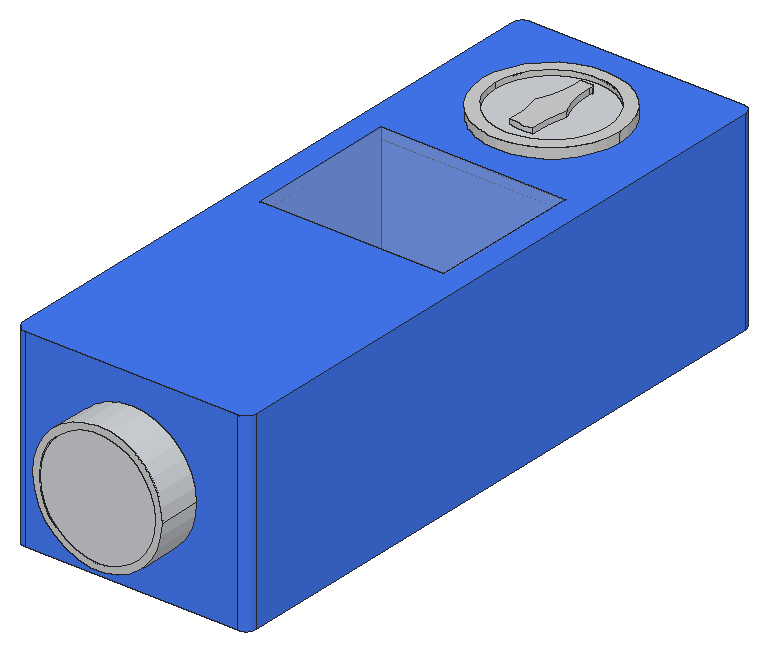
Revit family "Building-IEC309Connections-GEWISS-66IB-INTERLOCKED-SOCKET-OUTLETS-HD_IP66_WITHOUT_BOTTOM_FUS", category Apparecchi elettrici, host Superficie, Revit 2019
Family settings
  Host = Superficie
  Mantenere orientamento annotazione = Sì
  Quota connettore circolare = Usa diametro
  Tipo di parte = Normale
  Taglio con vuoti quando caricato = Sì
  Condiviso = Sì
  Punto di calcolo locali = Sì
Parameters (values of type "GW66823 - I.SOCKET IP66 N.B.3P+E 32A 380V 3H CBF")
  volt = 0 V
  vetro = Default - Vetro
  presa = Grigio RAL - 7035
  n-poli = 1
  giallo = 0 mm
  dist_piano [instance] = 0 mm
  Working temperature = "-25 ÷ +40 °C"
  With back-mounting box = "No"
  Vista_2d_pianta [instance] = yes
  Version file RFA = "21.4"
  URL = "https://www.gewiss.com/ww/en"
  Typology = "Vertical"
  Type of use = "Heavy duty"
  Type of fuse = "Ø 10.3x38 mm"
  Thermo-pressure with ball = "80 °C"
  Technical sheet = "https://www.gewiss.com/ww/en/search?q=GW66823"
  Struttura = Grigio RAL - 7035
  Simbolo presa = PRESAINDSTAGNA : 3P
  Simbolo [instance] = no
  Simb_circuito [instance] = not(Simbolo)  # yes
  Shock resistance = "> IK10"
  SEO = "Socket outlet"
  Reference h = "3"
  Realized by GEWISS S.p.A. = ""
  Rated voltage = "380-440V"
  Rated frequency (Hz) = "50/60 Hz"
  Rated current (In) = "32"
  Rated current (A) = "32"
  Protection = "Fuse-holder base (CBF)"
  Default Elevation = 1219.2 mm
  Produttore = "GEWISS S.p.A."
  Operating temperature: = "-25 +40 °C"
  Number of poles = "3P+E"
  No. of poles = "3P+E"
  Modello = "GW66823"
  Impact resistance at -20 Â°C = "20J"
  Immagine tipo = Q.jpg
  IP degree = "IP66"
  IDT = "141e1531-28cd-4999-8b8e-ff1725cf9181"
  IDF = "5825b165-cf54-4fb9-874a-3371e668167e"
  Glow wire test: = "850 °C"
  Glow Wire Test = "850 °C"
  Frequency = "50/60 Hz"
  Electrocod = "2222"
  EAN code = "8011564066380"
  Distanza x [instance] = 500 mm
  Distanza orizzontale simbolo [instance] = 0 mm
  Distanza effettiva x [instance] = 1500 mm - Distanza x  # 1000 mm
  Descrizione = "I.SOCKET IP66 N.B.3P+E 32A 380V 3H CBF"
  Corpo presa = Light Blue
  Cornice simbolo [instance] = yes
  Colour: = "Red"
  Colour = "Red"
  Catalogue Range = "66 IB"
  Catalogue = "BUILDING"
  COBie.Tagnumber = ""
  COBie.CreatedOn = ""
  COBie.CreatebBy = ""
  COBie.ComponentRegisterItemID = ""
  COBie.Component.TagNumber = ""
  COBie.Component.Space = ""
  COBie.Component.SerialNumber = ""
  COBie.Component.InstallationDate = ""
  COBie.Component.Description = ""
  COBie.Component.BarCode = ""
Types (23, lengths in mm): name | Technical sheet | Reference h | Rated voltage | Rated current (In) | Rated current (A) | Number of poles | No. of poles | Modello | IDT | EAN code | Descrizione | Colour: | Colour
  GW66801 - I.SOCKET IP66 N.B.2P+E 16A 110V 4H CBF | "https://www.gewiss.com/ww/en/search?q=GW66801" | "4" | "100-130V" | "16" | "16" | "2P+E" | "2P+E" | "GW66801" | "ee06670c-6564-45c7-8cd2-fc22662df606" | "8011564065994" | "I.SOCKET IP66 N.B.2P+E 16A 110V 4H CBF" | "Yellow" | "Yellow"
  GW66802 - I.SOCKET IP66 N.B.3P+E 16A 110V 4H CBF | "https://www.gewiss.com/ww/en/search?q=GW66802" | "4" | "100-130V" | "16" | "16" | "3P+E" | "3P+E" | "GW66802" | "b69cabaf-08d7-46a5-bd00-c236191d7161" | "8011564066007" | "I.SOCKET IP66 N.B.3P+E 16A 110V 4H CBF" | "Yellow" | "Yellow"
  GW66803 - I.SOCKET IP66 N.B.3P+N+E 16A 110V 4H CBF | "https://www.gewiss.com/ww/en/search?q=GW66803" | "4" | "100-130V" | "16" | "16" | "3P+N+E" | "3P+N+E" | "GW66803" | "990034b9-56c4-4518-ab83-3ae7e5bcce03" | "8011564066014" | "I.SOCKET IP66 N.B.3P+N+E 16A 110V 4H CBF" | "Yellow" | "Yellow"
  GW66804 - I.SOCKET IP66 N.B.2P+E 16A 230V 6H CBF | "https://www.gewiss.com/ww/en/search?q=GW66804" | "6" | "200-250V" | "16" | "16" | "2P+E" | "2P+E" | "GW66804" | "55474e20-2302-45ca-92bb-4378780daf23" | "8011564066021" | "I.SOCKET IP66 N.B.2P+E 16A 230V 6H CBF" | "Blue" | "Blue"
  GW66805 - I.SOCKET IP66 N.B.3P+E 16A 230V 9H CBF | "https://www.gewiss.com/ww/en/search?q=GW66805" | "9" | "200-250V" | "16" | "16" | "3P+E" | "3P+E" | "GW66805" | "1e7b69c8-79ab-40dd-a3d8-16354a582889" | "8011564066038" | "I.SOCKET IP66 N.B.3P+E 16A 230V 9H CBF" | "Blue" | "Blue"
  GW66806 - I.SOCKET IP66 N.B.3P+N+E 16A 230V 9H CBF | "https://www.gewiss.com/ww/en/search?q=GW66806" | "9" | "200-250V" | "16" | "16" | "3P+N+E" | "3P+N+E" | "GW66806" | "1eb457fe-10a1-4fcc-b1f4-08e2775c6cbe" | "8011564066045" | "I.SOCKET IP66 N.B.3P+N+E 16A 230V 9H CBF" | "Blue" | "Blue"
  GW66807 - I.SOCKET IP66 N.B.2P+E 16A 400V 9H CBF | "https://www.gewiss.com/ww/en/search?q=GW66807" | "9" | "380-415V" | "16" | "16" | "2P+E" | "2P+E" | "GW66807" | "8e1191e1-efb6-49dd-9618-c9dd86efd794" | "8011564066052" | "I.SOCKET IP66 N.B.2P+E 16A 400V 9H CBF" | "Red" | "Red"
  GW66808 - I.SOCKET IP66 N.B.3P+E 16A 400V 6H CBF | "https://www.gewiss.com/ww/en/search?q=GW66808" | "6" | "380-415V" | "16" | "16" | "3P+E" | "3P+E" | "GW66808" | "8794b5ab-df2a-453c-8e89-b7afce058622" | "8011564066069" | "I.SOCKET IP66 N.B.3P+E 16A 400V 6H CBF" | "Red" | "Red"
  GW66809 - I.SOCKET IP66 N.B.3P+N+E 16A 400V 6H CBF | "https://www.gewiss.com/ww/en/search?q=GW66809" | "6" | "380-415V" | "16" | "16" | "3P+N+E" | "3P+N+E" | "GW66809" | "fece19ce-55a4-4864-a444-af272e526b6c" | "8011564066076" | "I.SOCKET IP66 N.B.3P+N+E 16A 400V 6H CBF" | "Red" | "Red"
  GW66810 - I.SOCKET IP66 N.B.3P+E 16A 500V 7H CBF | "https://www.gewiss.com/ww/en/search?q=GW66810" | "7" | "480-500V" | "16" | "16" | "3P+E" | "3P+E" | "GW66810" | "2038791e-1dfc-480c-903e-0d5542b51898" | "8011564066090" | "I.SOCKET IP66 N.B.3P+E 16A 500V 7H CBF" | "Black" | "Black"
  GW66811 - I.SOCKET IP66 N.B.3P+N+E 16A 500V 7H CBF | "https://www.gewiss.com/ww/en/search?q=GW66811" | "7" | "480-500V" | "16" | "16" | "3P+N+E" | "3P+N+E" | "GW66811" | "ae148f4c-8283-4d60-9318-0f78422831f6" | "8011564066106" | "I.SOCKET IP66 N.B.3P+N+E 16A 500V 7H CBF" | "Black" | "Black"
  GW66812 - I.SOCKET IP66 N.B.2P+E 32A 110V 4H CBF | "https://www.gewiss.com/ww/en/search?q=GW66812" | "4" | "100-130V" | "32" | "32" | "2P+E" | "2P+E" | "GW66812" | "1f012fb9-c365-4355-8760-5264930d04a8" | "8011564066120" | "I.SOCKET IP66 N.B.2P+E 32A 110V 4H CBF" | "Yellow" | "Yellow"
  GW66813 - I.SOCKET IP66 N.B.3P+E 32A 110V 4H CBF | "https://www.gewiss.com/ww/en/search?q=GW66813" | "4" | "100-130V" | "32" | "32" | "3P+E" | "3P+E" | "GW66813" | "09eb76ea-8ed5-4cd9-bbc1-2eab4f3c9bae" | "8011564066144" | "I.SOCKET IP66 N.B.3P+E 32A 110V 4H CBF" | "Yellow" | "Yellow"
  GW66814 - I.SOCKET IP66 N.B.3P+N+E 32A 110V 4H CBF | "https://www.gewiss.com/ww/en/search?q=GW66814" | "4" | "100-130V" | "32" | "32" | "3P+N+E" | "3P+N+E" | "GW66814" | "c74b1301-24ed-44fd-ae0c-fb6582943d94" | "8011564066168" | "I.SOCKET IP66 N.B.3P+N+E 32A 110V 4H CBF" | "Yellow" | "Yellow"
  GW66815 - I.SOCKET IP66 N.B.2P+E 32A 230V 6H CBF | "https://www.gewiss.com/ww/en/search?q=GW66815" | "6" | "200-250V" | "32" | "32" | "2P+E" | "2P+E" | "GW66815" | "95c38aea-8ab7-4d2e-a485-513535c49da9" | "8011564066182" | "I.SOCKET IP66 N.B.2P+E 32A 230V 6H CBF" | "Blue" | "Blue"
  GW66816 - I.SOCKET IP66 N.B.3P+E 32A 230V 9H CBF | "https://www.gewiss.com/ww/en/search?q=GW66816" | "9" | "200-250V" | "32" | "32" | "3P+E" | "3P+E" | "GW66816" | "cfda6347-5b9b-4057-a89e-36ff6879eb28" | "8011564066199" | "I.SOCKET IP66 N.B.3P+E 32A 230V 9H CBF" | "Blue" | "Blue"
  GW66817 - I.SOCKET IP66 N.B.3P+N+E 32A 230V 9H CBF | "https://www.gewiss.com/ww/en/search?q=GW66817" | "9" | "200-250V" | "32" | "32" | "3P+N+E" | "3P+N+E" | "GW66817" | "843a4ac8-f31c-4db5-a3d3-0be278f21a46" | "8011564066212" | "I.SOCKET IP66 N.B.3P+N+E 32A 230V 9H CBF" | "Blue" | "Blue"
  GW66818 - I.SOCKET IP66 N.B.2P+E 32A 400V 9H CBF | "https://www.gewiss.com/ww/en/search?q=GW66818" | "9" | "380-415V" | "32" | "32" | "2P+E" | "2P+E" | "GW66818" | "80a0d5b5-3f13-4f67-8893-37ef35528e0a" | "8011564066236" | "I.SOCKET IP66 N.B.2P+E 32A 400V 9H CBF" | "Red" | "Red"
  GW66819 - I.SOCKET IP66 N.B.3P+E 32A 400V 6H CBF | "https://www.gewiss.com/ww/en/search?q=GW66819" | "6" | "380-415V" | "32" | "32" | "3P+E" | "3P+E" | "GW66819" | "8ff4a785-0f00-4701-96d7-0687c6cdaeda" | "8011564066311" | "I.SOCKET IP66 N.B.3P+E 32A 400V 6H CBF" | "Red" | "Red"
  GW66820 - I.SOCKET IP66 N.B.3P+N+E 32A 400V 6H CBF | "https://www.gewiss.com/ww/en/search?q=GW66820" | "6" | "380-415V" | "32" | "32" | "3P+N+E" | "3P+N+E" | "GW66820" | "cf4fb769-34a9-4320-a314-fe05042a68a5" | "8011564066335" | "I.SOCKET IP66 N.B.3P+N+E 32A 400V 6H CBF" | "Red" | "Red"
  GW66821 - I.SOCKET IP66 N.B.3P+E 32A 500V 7H CBF | "https://www.gewiss.com/ww/en/search?q=GW66821" | "7" | "480-500V" | "32" | "32" | "3P+E" | "3P+E" | "GW66821" | "793566ea-bd20-45ec-8bff-7928c73d012b" | "8011564066359" | "I.SOCKET IP66 N.B.3P+E 32A 500V 7H CBF" | "Black" | "Black"
  GW66822 - I.SOCKET IP66 N.B.3P+N+E 32A 500V 7H CBF | "https://www.gewiss.com/ww/en/search?q=GW66822" | "7" | "480-500V" | "32" | "32" | "3P+N+E" | "3P+N+E" | "GW66822" | "0ee152fe-0d18-463a-bf21-865fd3ec4b12" | "8011564066366" | "I.SOCKET IP66 N.B.3P+N+E 32A 500V 7H CBF" | "Black" | "Black"
  GW66823 - I.SOCKET IP66 N.B.3P+E 32A 380V 3H CBF | "https://www.gewiss.com/ww/en/search?q=GW66823" | "3" | "380-440V" | "32" | "32" | "3P+E" | "3P+E" | "GW66823" | "141e1531-28cd-4999-8b8e-ff1725cf9181" | "8011564066380" | "I.SOCKET IP66 N.B.3P+E 32A 380V 3H CBF" | "Red" | "Red"
Reference planes
  plane 1 "Centro (Fronte/Retro)": y = 0
  plane 2: z = 0
  plane 3 "Centro (Sinistra/Destra)": x = 0
  plane 4: z = -2
  plane 5: x = -500
  plane 6: x = -1500
  plane 7: x = -500
  plane 8: through (-170.762, -4572, -38.353) normal (-0.6157, 0, 0.788)
  plane 9: x = -51.152
  plane 10: x = 53.222
  plane 11: z = -2
  plane 12: x = -74
  plane 13: x = 74
  plane 14: y = 392
  plane 15: y = -2
Forms (mm)
  Extrusion 1, solid, detail levels coarse
    sketch origin (0, 0, 0) x (1, 0, 0) y (0, 1, 0)
      loop
        line (-74, 392) -> (-74, -2) -> (74, -2) -> (74, 392) -> (-74, 392)
    from 0 to 123
Lines and regions (mm)
  Masking region 1, visible <- "Vista_2d_pianta"
    outline origin (0, 0, 0) x (1, 0, 0) y (0, 0, 1)
  Masking region 2, visible <- "Vista_2d_pianta"
    outline origin (0, 0, 0) x (1, 0, 0) y (0, 0, 1)
      loop
        line (-74, 0) -> (74, 0) -> (74, 123) -> (-74, 123) -> (-74, 0)
Dimensions and locks
  locked: plane 2 to plane 4 at 2
  "Distanza effettiva x": plane 5 to plane 6
  plane 3 "Centro (Sinistra/Destra)" to plane 6 = 1500 mm
  "Distanza effettiva x": plane 6 to plane 7
  locked: plane 15 to plane 1 "Centro (Fronte/Retro)" at 2
  locked: plane 12 to nested 1 at 2
  locked: nested 1 to plane 13 at 2
  locked: plane 14 to nested 1 at 2
  "dist_piano": plane 11 to plane 4
  plane 6 to plane 3 "Centro (Sinistra/Destra)" = 1500 mm
  angle plane 8 to plane 4 = 142.00°
  angle plane 7 to plane 8 = 128.00°
  aligned and locked: plane 2 to host face
  aligned and locked: level to host face
  aligned and locked: plane 3 "Centro (Sinistra/Destra)" to nested 1
  aligned and locked: plane 7 to nested 2
  aligned and locked: plane 7 to nested 3
  aligned and locked: Masking region 2 to plane 12
  aligned and locked: plane 13 to Masking region 2
  aligned and locked: Masking region 2 to level
  aligned and locked: nested 1 to plane 11
  aligned and locked: Masking region 2 to nested 1
  aligned and locked: Extrusion 1 sketch curve to plane 12
  aligned and locked: Extrusion 1 sketch curve to plane 14
  aligned and locked: Extrusion 1 sketch curve to plane 13
  aligned and locked: Extrusion 1 sketch curve to plane 15
  aligned and locked: Extrusion 1 to nested 1
  aligned and locked: Extrusion 1 to level
Automatic sketch dimensions
  host sketch curve to host sketch curve = 2438.4 mm  (x2)
  Masking region 2 sketch curve to plane 10 = 20.778 mm
  plane 9 to Masking region 2 sketch curve = 22.848 mm
  level to Masking region 2 sketch curve = 0 mm
  Masking region 2 sketch curve to Masking region 2 sketch curve = 123 mm
Nested families
  nested 1: "GW66824_no fondo_master" at (0, 0, -77), type "GW66824_no fondo_master", detail levels medium+fine
  nested 2: "simbolo_circuitoGW66324N" at (-500, 30.442, 0), Distanza dal muro <- "Distanza orizzontale simbolo", SIMBOLO ACCESO <- "Simb_circuito", type "3P"
  nested 3: "PRESAINDSTAGNA" at (-500, 23.722, 0), Distanza dal muro <- "Distanza orizzontale simbolo", SIMBOLO ACCESO <- "Simbolo", type "3P"
    with SIMBOLO ACCESO no, Distanza dal muro 0 mm, BORDO ACCESO yes
Connectors
  electrical at (0, 195.052, -2), driven by "n-poli", driven by "volt"
    settings: on nested 1, index 1, voltage 0 V, apparent load 0 VA, apparent load phase1 0 VA, apparent load phase2 0 VA, apparent load phase3 0 VA, power factor 1, load classification "Altro", number of poles 1, system type 31, power factor state 1, is connector primary yes, connector utility no, sub classification motor no, connector description ""
Definition of nested family "GW66824_no fondo_master"
  Parameters (values of type "GW66824_no fondo_master")
    w = 144 mm
    sp_interbloccata = 119 mm
    d_piano = 75 mm
    corpo presa = none
    Vetro = none
    Struttura = none
    Spessore = 30 mm
    Raggio = 40 mm
    Default Elevation = 14 mm
    Presa = none
    Lunghezza = 103 mm
    IFC.TypeObject = ""
    IFC.ExportType = ""
    IFC.ExportAs = ""
    H_da terra = 586.883 mm
    COBie.CreatedOn = ""
    COBie.CreatebBy = ""
    COBie.ComponentRegisterItemID = ""
    COBie.Component.TagNumber = ""
    COBie.Component.Space = ""
    COBie.Component.SerialNumber = ""
    COBie.Component.InstallationDate = ""
    COBie.Component.Description = ""
    COBie.Component.BarCode = ""
    Altezza = 390 mm
  Reference planes
    plane 1 "Centro (Fronte/Retro)": y = 0
    plane 2: z = 0
    plane 3 "Centro (Sinistra/Destra)": x = 0
    plane 4 "presa": z = 210
    plane 5: z = 200
    plane 6: z = 194
    plane 7: x = -72
    plane 8: x = 72
    plane 9: y = 390
    plane 10: y = 0
    plane 11: y = 324
    plane 12: z = 197
    plane 13: y = 217
    plane 14: x = -57
    plane 15: x = 57
    plane 16: y = 264
    plane 17: y = 170
    plane 18: z = 84.858
    plane 19: z = 187.562
    plane 20: z = 75
    plane 21: z = 136.21
    plane 22 "presa fronte": y = -26
  Forms (mm)
    Extrusion 1, solid, material <- "Struttura"
      sketch origin (0, -427.104, -30) x (1, 0, 0) y (0, 1, 0)
        loop
          circle (0, 751.104) r 34.75
        loop
          circle (0, 751.104) r 42.079
      from 224 to 230
    Extrusion 2, solid, material <- "Struttura"
      sketch origin (0, -427.104, -30) x (1, 0, 0) y (0, 1, 0)
        loop
          arc (-9.552, 750.899) -> (-7.429, 739.645) -> (-7.314, 728.193) r 64.983
          arc (-7.314, 728.193) -> (-0.131, 727.067) -> (7.064, 728.115) r 24.316
          arc (7.064, 728.115) -> (7.302, 739.566) -> (9.547, 750.796) r 64.983
          arc (9.547, 750.796) -> (5.519, 762.425) -> (4.215, 774.661) r 54.251
          line (4.215, 774.661) -> (4.25, 777.658)
          arc (4.25, 777.658) -> (3.985, 778.329) -> (3.336, 778.647) r 1
          arc (3.336, 778.647) -> (0.147, 778.794) -> (-3.043, 778.682) r 39.364
          arc (-3.043, 778.682) -> (-3.695, 778.371) -> (-3.967, 777.702) r 1
          line (-3.967, 777.702) -> (-3.964, 774.706)
          arc (-3.964, 774.706) -> (-5.4, 762.483) -> (-9.552, 750.899) r 54.251
      from 224 to 230
    Extrusion 3, solid, material <- "corpo presa"
      sketch origin (-2.5, -699.604, -30) x (1, 0, 0) y (0, 1, 0)
        loop
          arc (74.5, 1083.298) -> (72.653, 1087.757) -> (68.194, 1089.604) r 6.306
          line (68.194, 1089.604) -> (-63.194, 1089.604)
          arc (-63.194, 1089.604) -> (-67.653, 1087.757) -> (-69.5, 1083.298) r 6.306
          line (-69.5, 1083.298) -> (-69.5, 706.118)
          arc (-69.5, 706.118) -> (-67.592, 701.512) -> (-62.985, 699.604) r 6.515
          line (-62.985, 699.604) -> (67.985, 699.604)
          arc (67.985, 699.604) -> (72.592, 701.512) -> (74.5, 706.118) r 6.515
          line (74.5, 706.118) -> (74.5, 1083.298)
      from 105 to 224
    Extrusion 4, solid
      sketch origin (0, 0, 210) x (0, -1, 0) y (1, 0, 0)
        loop
          circle (-324, 0) r 34.75
      from -16 to -13
    Extrusion 5, void
      sketch origin (0, 0, 210) x (0, -1, 0) y (1, 0, 0)
        loop
          line (-170, -57) -> (-170, 57) -> (-264, 57) -> (-264, -57) -> (-170, -57)
      from -125.142 to -16
    Extrusion 6, solid, material <- "Vetro"
      sketch origin (0, 0, 210) x (0, -1, 0) y (1, 0, 0)
        loop
          line (-170, -57) -> (-170, 57) -> (-264, 57) -> (-264, -57) -> (-170, -57)
      from -22.438 to -16
    Extrusion 7, solid, material <- "Presa"
      sketch origin (0, 0, 0) x (1, 0, 0) y (0, 0, 1)
        loop
          circle (0, 136.21) r 40
        loop
          circle (0, 136.21) r 36
      from 0 to 26
    Extrusion 8, solid
      sketch origin (0, 0, 0) x (1, 0, 0) y (0, 0, 1)
        loop
          circle (0, 136.21) r 40
      from 0 to 26
  Cuts and joins
    Extrusion 5 cuts Extrusion 3
  Lines and regions (mm)
    symbolic lines
      curve 1: line (0, -26, 178.929) -> (0, -26, 99.929)
      curve 2: line (50, -26, 136.21) -> (-50, -26, 136.21)
  Dimensions and locks
    locked: plane 5 to plane 4 "presa" at 10
    locked: plane 6 to plane 5 at 6
    equal spacing: plane 7, plane 3 "Centro (Sinistra/Destra)", plane 8
    "w": plane 7 to plane 8
    "Altezza": plane 1 "Centro (Fronte/Retro)" to plane 9
    locked: plane 9 to plane 11 at 66
    locked: plane 12 to plane 6 at 3
    locked: plane 9 to plane 13 at 173
    equal spacing: plane 14, plane 3 "Centro (Sinistra/Destra)", plane 15
    plane 14 to plane 15 = 114 mm
    equal spacing: plane 16, plane 13, plane 17
    locked: plane 16 to plane 17 at 94
    locked: plane 6 to plane 19 at 6.438
    "sp_interbloccata": plane 6 to plane 20
    "d_piano": plane 20 to level
    locked: plane 18 to plane 20 at 9.858
    locked: plane 22 "presa fronte" to plane 10 at 26
    equal spacing: plane 18, plane 21, plane 19
    diameter of Extrusion 1 sketch curve = 69.5 mm
    radius of Extrusion 4 sketch curve = 34.75 mm
    aligned and locked: level to plane 2
    aligned and locked: Extrusion 1 to Extrusion 3
    aligned and locked: Extrusion 2 to Extrusion 1
    aligned and locked: Extrusion 1 to Extrusion 2
    aligned and locked: Extrusion 3 to plane 6
    aligned and locked: Extrusion 1 to plane 5
    aligned and locked: Extrusion 3 sketch curve to plane 7
    aligned and locked: Extrusion 3 sketch curve to plane 8
    aligned and locked: Extrusion 3 sketch curve to plane 9
    aligned and locked: plane 10 to Extrusion 3 sketch curve
    aligned and locked: plane 10 to plane 1 "Centro (Fronte/Retro)"
    aligned and locked: plane 11 to Extrusion 1 sketch curve
    aligned and locked: plane 3 "Centro (Sinistra/Destra)" to Extrusion 1 sketch curve
    aligned and locked: plane 3 "Centro (Sinistra/Destra)" to Extrusion 4 sketch curve
    aligned and locked: plane 11 to Extrusion 4 sketch curve
    aligned and locked: plane 6 to Extrusion 4
    aligned and locked: plane 12 to Extrusion 4
    aligned and locked: Extrusion 5 sketch curve to plane 14
    aligned and locked: Extrusion 5 sketch curve to plane 17
    aligned and locked: Extrusion 5 sketch curve to plane 15
    aligned and locked: Extrusion 5 sketch curve to plane 16
    aligned and locked: Extrusion 5 to plane 18
    aligned and locked: Extrusion 5 to plane 6
    aligned and locked: Extrusion 6 sketch curve to plane 14
    aligned and locked: Extrusion 6 sketch curve to plane 17
    aligned and locked: Extrusion 6 sketch curve to plane 16
    aligned and locked: Extrusion 6 sketch curve to plane 15
    aligned and locked: Extrusion 6 to plane 19
    aligned and locked: Extrusion 6 to plane 6
    aligned and locked: plane 20 to cut or joined group of Extrusion 3, Extrusion 5
    aligned and locked: plane 3 "Centro (Sinistra/Destra)" to Extrusion 7 sketch curve
    aligned and locked: plane 21 to Extrusion 7 sketch curve
    aligned and locked: Extrusion 7 to plane 22 "presa fronte"
    aligned and locked: plane 3 "Centro (Sinistra/Destra)" to Extrusion 8 sketch curve
    aligned and locked: plane 21 to Extrusion 8 sketch curve
    aligned and locked: Extrusion 8 to plane 1 "Centro (Fronte/Retro)"
    aligned and locked: Extrusion 8 to plane 22 "presa fronte"
    aligned and locked: plane 3 "Centro (Sinistra/Destra)" to curve 1
    aligned and locked: curve 2 to plane 21
  Automatic sketch dimensions
    Extrusion 2 sketch curve to plane 3 "Centro (Sinistra/Destra)" = 0 mm
    Extrusion 2 sketch curve to plane 3 "Centro (Sinistra/Destra)" = 0.064 mm
    Extrusion 2 sketch curve to plane 3 "Centro (Sinistra/Destra)" = 2.967 mm
    Extrusion 2 sketch curve to Extrusion 2 sketch curve = 0.997 mm
    Extrusion 2 sketch curve to Extrusion 2 sketch curve = 1 mm  (x2)
    Extrusion 2 sketch curve to Extrusion 2 sketch curve = 54.251 mm
    Extrusion 2 sketch curve to Extrusion 2 sketch curve = 13.883 mm
    plane 3 "Centro (Sinistra/Destra)" to Extrusion 2 sketch curve = 3.25 mm
    Extrusion 2 sketch curve to Extrusion 2 sketch curve = 0.965 mm
    Extrusion 2 sketch curve to Extrusion 2 sketch curve = 54.25 mm
    Extrusion 2 sketch curve to Extrusion 2 sketch curve = 13.435 mm
    Extrusion 2 sketch curve to plane 1 "Centro (Fronte/Retro)" = 305.393 mm
    Extrusion 2 sketch curve to plane 1 "Centro (Fronte/Retro)" = 306.167 mm
    Extrusion 2 sketch curve to plane 1 "Centro (Fronte/Retro)" = 312.327 mm
    Extrusion 2 sketch curve to Extrusion 2 sketch curve = 11.953 mm
    Extrusion 2 sketch curve to Extrusion 2 sketch curve = 41.757 mm
    Extrusion 2 sketch curve to Extrusion 2 sketch curve = 23.278 mm
    Extrusion 2 sketch curve to Extrusion 2 sketch curve = 0.044 mm
    Extrusion 2 sketch curve to Extrusion 2 sketch curve = 41.61 mm
    Extrusion 2 sketch curve to Extrusion 2 sketch curve = 2.99 mm
    Extrusion 2 sketch curve to Extrusion 2 sketch curve = 0.007 mm
    Extrusion 2 sketch curve to Extrusion 2 sketch curve = 2.979 mm
    Extrusion 2 sketch curve to Extrusion 2 sketch curve = 0.018 mm
    Extrusion 2 sketch curve to Extrusion 2 sketch curve = 0 mm
    Extrusion 2 sketch curve to plane 3 "Centro (Sinistra/Destra)" = 7.314 mm
    Extrusion 2 sketch curve to Extrusion 2 sketch curve = 9.552 mm
    plane 3 "Centro (Sinistra/Destra)" to Extrusion 2 sketch curve = 7.064 mm
    Extrusion 3 sketch curve to Extrusion 3 sketch curve = 6.306 mm  (x2)
    Extrusion 3 sketch curve to Extrusion 3 sketch curve = 6.515 mm  (x2)
    Extrusion 1 sketch curve to Extrusion 1 sketch curve = 0 mm  (x2)
    Extrusion 7 sketch curve to Extrusion 7 sketch curve = 0 mm  (x2)
    plane 18 to curve 1 = 15.071 mm
    curve 1 to plane 19 = 8.633 mm
    curve 2 to plane 14 = 7 mm
    plane 15 to curve 2 = 7 mm
    radius of Extrusion 1 sketch curve = 42.079 mm
    radius of Extrusion 7 sketch curve = 40 mm
    radius of Extrusion 7 sketch curve = 36 mm
    radius of Extrusion 8 sketch curve = 40 mm
Definition of nested family "simbolo_circuitoGW66324N"
  Parameters (values of type "3P")
    SIMBOLO ACCESO [instance] = yes
    SIMBOLO = PRESAINDSTAGNA_BASE : 3P
    Distanza dal muro [instance] = 0 mm
    BORDO ACCESO [instance] = yes
  Reference planes
    plane 1: y = 0
    plane 2: x = 0
  Dimensions and locks
    "Distanza dal muro": plane 1 to nested 1
    aligned and locked: plane 2 to nested 1
  Nested families
    nested 1: "GW66201N-simb_base_di circuito" at (0, 0, 0), visible <- "SIMBOLO ACCESO", type "3P"
      with CORNICE SIMBOLO yes
  Definition of nested family "GW66201N-simb_base_di circuito"
    Parameters (values of type "3P")
      CORNICE SIMBOLO [instance] = yes
      3P = yes
    Types (2, lengths in mm): name | 3P
      3P | yes
      2P | no
    Reference planes
      plane 1: y = 0
      plane 2: x = 0
    Lines and regions (mm)
      detail lines, not visible
        curve 1: line (-2.443, 10.208, 0) -> (2.057, 10.208, 0)
        curve 2: line (2.057, 10.208, 0) -> (2.057, 4.208, 0)
        curve 3: line (2.057, 4.208, 0) -> (-2.443, 4.208, 0)
        curve 4: line (-2.443, 4.208, 0) -> (-2.443, 10.208, 0)
        curve 5: line (-2.043, 9.808, 0) -> (1.657, 9.808, 0)
        curve 6: line (1.657, 9.808, 0) -> (1.657, 4.608, 0)
        curve 7: line (1.657, 4.608, 0) -> (-2.043, 4.608, 0)
        curve 8: line (-2.043, 4.608, 0) -> (-2.043, 9.808, 0)
    Dimensions and locks
      aligned and locked: import instance to plane 2
      aligned and locked: plane 1 to import instance
Definition of nested family "PRESAINDSTAGNA"
  Parameters (values of type "3P")
    SIMBOLO ACCESO [instance] = yes
    SIMBOLO = PRESAINDSTAGNA_BASE : 3P
    Distanza dal muro [instance] = 0 mm
    BORDO ACCESO [instance] = yes
  Types (2): name
    2P
    3P
  Reference planes
    plane 1: y = 0
    plane 2: x = 0
  Dimensions and locks
    "Distanza dal muro": plane 1 to nested 1
    aligned and locked: plane 2 to nested 1
  Nested families
    nested 1: "PRESAINDSTAGNA_BASE" at (0, 0, 0), type <- "SIMBOLO", CORNICE SIMBOLO <- "BORDO ACCESO", visible <- "SIMBOLO ACCESO", type "3P"
  Definition of nested family "PRESAINDSTAGNA_BASE"
    Parameters (values of type "3P")
      CORNICE SIMBOLO [instance] = yes
      3P = yes
    Types (2, lengths in mm): name | 3P
      3P | yes
      2P | no
    Reference planes
      plane 1: y = 0
      plane 2: x = 0
    Lines and regions (mm)
      detail lines, not visible
        curve 1: line (-2.443, 10.208, 0) -> (2.057, 10.208, 0)
        curve 2: line (2.057, 10.208, 0) -> (2.057, 4.208, 0)
        curve 3: line (2.057, 4.208, 0) -> (-2.443, 4.208, 0)
        curve 4: line (-2.443, 4.208, 0) -> (-2.443, 10.208, 0)
        curve 5: line (-2.043, 9.808, 0) -> (1.657, 9.808, 0)
        curve 6: line (1.657, 9.808, 0) -> (1.657, 4.608, 0)
        curve 7: line (1.657, 4.608, 0) -> (-2.043, 4.608, 0)
        curve 8: line (-2.043, 4.608, 0) -> (-2.043, 9.808, 0)
      detail lines
        curve 9: line (-0.333, 0.928, 0) -> (-0.05, 0.928, 0)
        curve 10: line (-0.05, 0.928, 0) -> (0.417, 1.737, 0)
        curve 11: line (0.417, 1.737, 0) -> (0.764, 1.537, 0)
        curve 12: line (-0.05, 0.928, 0) -> (-0.333, 0.437, 0)
        curve 13: line (-0.333, 0.437, 0) -> (-0.333, 2.059, 0)
        curve 14: line (0.222, 1.399, 0) -> (0.569, 1.199, 0)
        curve 15: line (-0.723, 0.437, 0) -> (0.057, 0.437, 0)
        curve 16: line (-0.333, 0.81, 0) -> (-0.216, 0.928, 0)
        curve 17: line (-0.333, 0.741, 0) -> (-0.147, 0.928, 0)
        curve 18: line (-0.333, 0.672, 0) -> (-0.078, 0.928, 0)
        curve 19: line (-0.333, 0.603, 0) -> (-0.106, 0.831, 0)
        curve 20: line (-0.333, 0.534, 0) -> (-0.2, 0.668, 0)
        curve 22: arc (-0.723, 0.047, 0) -> (-0.333, 0.437, 0) -> (0.057, 0.047, 0) r 0.39
        curve 23: line (-0.8, 2.1, 0) -> (0.8, 2.1, 0)
        curve 24: line (-0.8, 0, 0) -> (-0.8, 2.1, 0)
        curve 25: line (0.8, 0, 0) -> (-0.8, 0, 0)
        curve 26: line (0.8, 2.1, 0) -> (0.8, 0, 0)
      detail lines, visible <- "3P"
        curve 21: line (0.028, 1.061, 0) -> (0.374, 0.861, 0)
